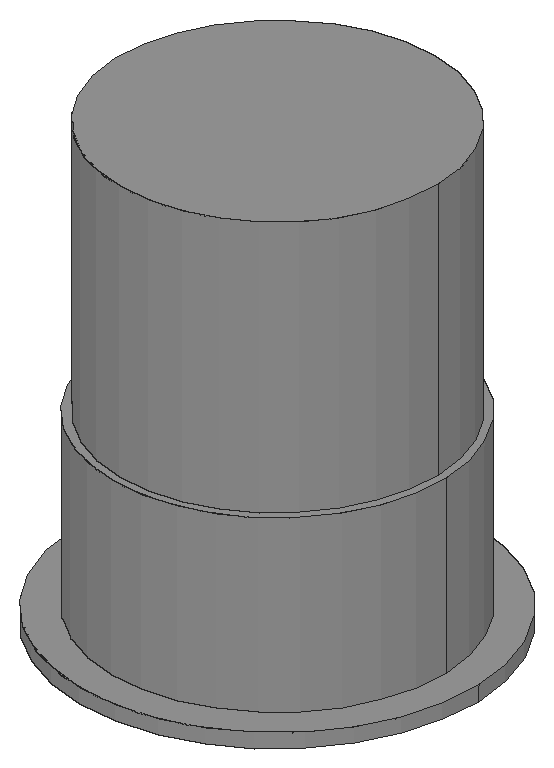
Revit family "VASARI 3 Round Wall Wash 02", category Lighting Fixtures, host Ceiling, Revit 2017
Family settings
  Host = Ceiling
  Round Connector Dimension = Use Diameter
  Part Type = Normal
  OmniClass Number = 23.80.70.11
  OmniClass Title = Luminaries for Internal Lighting
  Always vertical = Yes
  Cut with Voids When Loaded = No
  Light Source = Yes
  Shared = No
  Room Calculation Point = No
Parameters (values of type "50P")
  Wattage = 9.2903 W
  built-in parameter 1150110 = 1 (stored number, unit not read)
  built-in parameter 1114217 = 1 (stored number, unit not read)
  Tilt Angle = 90.00°
  built-in parameter 1150109 = 1 (stored number, unit not read)
  built-in parameter 1150134 = (empty or 0)
  built-in parameter 1150113 = 1 (stored number, unit not read)
  Plastic = ELR Plastic, Opaque White
  Photometric Web File = "ELR50P 35D.IES"
  Lumens = 1380 lm
  built-in parameter 1150115 = 1 (stored number, unit not read)
  built-in parameter 1150105 = 109.82 (stored number, unit not read)
  built-in parameter 1150137 = (empty or 0)
  built-in parameter 1150139 = (empty or 0)
  built-in parameter 1150112 = 1 (stored number, unit not read)
  built-in parameter 1150114 = 1 (stored number, unit not read)
  built-in parameter 1150132 = 2
  built-in parameter 1150102 = (empty or 0)
  built-in parameter 1150138 = (empty or 0)
  built-in parameter 1150107 = 3000 (stored number, unit not read)
  built-in parameter 1150106 = 1.0982 (stored number, unit not read)
  Emissive = ELR Light Emissive
  built-in parameter 1150104 = 13.8 (stored number, unit not read)
  Dimming Lamp Color Temperature Shift = <None>
  Color Filter = 16777215
  built-in parameter 1114218 = 1 (stored number, unit not read)
  built-in parameter 1150133 = 10 (stored number, unit not read)
Types (2, lengths in mm): name | Plastic | Emissive
  Type 1 | Plastic, Opaque White | Steel, Mild lighting
  50P | ELR Plastic, Opaque White | ELR Light Emissive
Reference planes
  plane 1 "Light Source Axis (F/B)": y = 0
  plane 2: z = 0
  plane 3 "Light Source Axis (L/R)": x = 0
  plane 4 "Ceiling": z = 4000
  plane 5 "Light Source Elevation": z = 4000
  plane 6 "Right": x = 50
  plane 7 "Left": x = -49.972
  plane 8 "Top": y = 48.332
  plane 9: y = -51.668
  plane 10: z = 4110
Forms (mm)
  Extrusion 1, solid, material "ELR Plastic, Opaque White" <- "Plastic"
    sketch origin (239.98, -1.668, 4000.991) x (-1, 0, 0) y (0, -1, 0)
      loop
        circle (239.98, 0) r 50
      loop
        circle (239.98, 0) r 42
    from -2.59 to 1.009
  Extrusion 2, solid, material "ELR Plastic, Opaque White" <- "Plastic"
    sketch origin (-115, -1.668, 3998.982) x (0, 1, 0) y (-1, 0, 0)
      loop
        circle (0, -115) r 42
      loop
        circle (0, -115) r 40
    from 46.335 to 3.018
  Extrusion 3, solid, material "ELR Plastic, Opaque White" <- "Plastic"
    sketch origin (0, -1.668, 4030.503) x (1, 0, 0) y (0, 1, 0)
      loop
        circle (0, 0) r 40
    from 14.814 to 79.497
  Extrusion 4, solid, material "Light Emissive"
    sketch origin (0, 0, 4000) x (0, 1, 0) y (-1, 0, 0)
      loop
        circle (-1.668, 0) r 40
    from 2 to 4
Lines and regions (mm)
  Opening 1
    outline origin (0, 0, 4000) x (1, 0, 0) y (0, 1, 0)
      loop
        circle (0, 0) r 42.396
  Opening 2
    outline origin (0, -1.668, 4000) x (1, 0, 0) y (0, 1, 0)
      loop
        circle (0, 0.331) r 45
Dimensions and locks
  equal spacing: host sketch curve, plane 3 "Light Source Axis (L/R)", host sketch curve
  equal spacing: host sketch curve, plane 1 "Light Source Axis (F/B)", host sketch curve
  host sketch curve to host sketch curve = 4000 mm  (x2)
  plane 4 "Ceiling" to host ceiling = 0 mm
  plane 7 "Left" to plane 6 "Right" = 99.972 mm  (x2)
  plane 8 "Top" to plane 9 = 100 mm
  imposter light to plane 10 = 110 mm
  aligned and locked: plane 3 "Light Source Axis (L/R)" to imposter light
  aligned and locked: plane 1 "Light Source Axis (F/B)" to imposter light
  aligned and locked: plane 5 "Light Source Elevation" to imposter light
  aligned and locked: plane 10 to Extrusion 3
